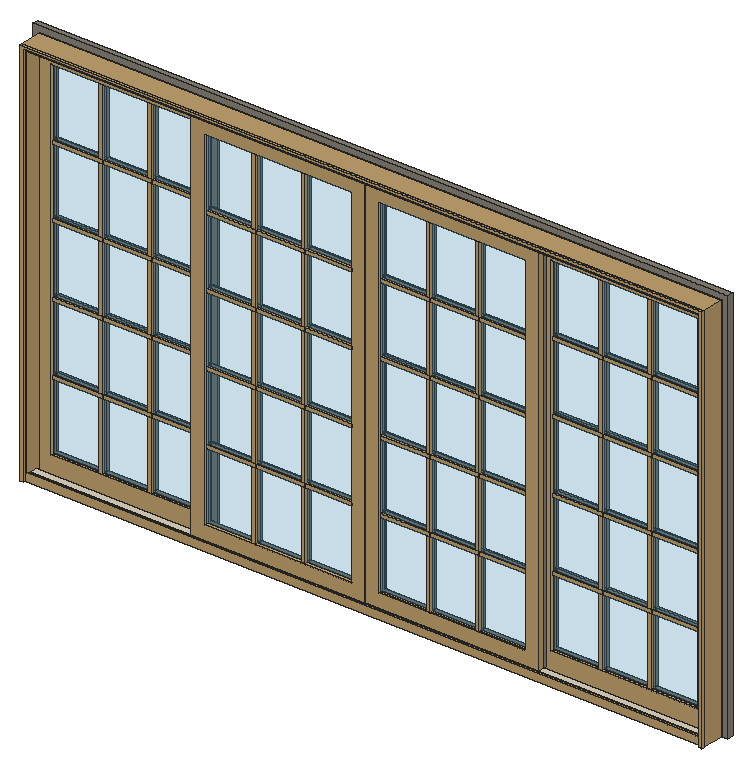
Revit family (continued)
Definition of nested family "Casing_Clad"
  Lines and regions (in)
    symbolic lines, style "Frame/Mullion", visible <- "Flat Casing Visibility", detail levels coarse+medium
      curve 2: line (0, 1.09375, 147) -> (0, 0, 147)
      curve 11: line (-99, 1.09375, 0) -> (-99, 0, 0)
      curve 12: line (-96, 1.09375, 0) -> (-99, 1.09375, 0)
      curve 13: line (99, 0, 0) -> (99, 1.09375, 0)
      curve 14: line (99, 1.09375, 0) -> (96, 1.09375, 0)
    symbolic lines, style "Frame/Mullion", visible <- "BMC Visibility", detail levels coarse+medium
      curve 3: line (0, 1.25, 145.3125) -> (0, 0, 145.3125)
      curve 4: line (0, 1.25, 144.71589) -> (0, 1.25, 145.3125)
      curve 5: line (0, 1.09375, 144.38081) -> (0, 1.25, 144.71589)
      curve 6: line (0, 1.09375, 144) -> (0, 1.09375, 144.38081)
      curve 7: line (-96.71589, 1.25, 0) -> (-97.3125, 1.25, 0)
      curve 8: line (-96.38081, 1.09375, 0) -> (-96.71589, 1.25, 0)
      curve 9: line (-96, 1.09375, 0) -> (-96.38081, 1.09375, 0)
      curve 10: line (-97.3125, 1.25, 0) -> (-97.3125, 0, 0)
      curve 15: line (97.3125, 0, 0) -> (97.3125, 1.25, 0)
      curve 16: line (97.3125, 1.25, 0) -> (96.71589, 1.25, 0)
      curve 17: line (96.71589, 1.25, 0) -> (96.38081, 1.09375, 0)
      curve 18: line (96.38081, 1.09375, 0) -> (96, 1.09375, 0)
  Dimensions and locks (in)
    "Width": plane 6 to plane 5
    equal spacing: plane 6, plane 3 "Center (Left/Right)", plane 5
    "Height": plane 4 to plane 2
    aligned and locked: plane 4 to Sweep 1 sketch curve
    aligned and locked: plane 5 to Sweep 1 sketch curve
    aligned and locked: plane 2 to Sweep 1 sketch curve
    aligned and locked: Sweep 1 sketch curve to plane 2
    aligned and locked: plane 4 to Sweep 2 sketch curve
    aligned and locked: plane 5 to Sweep 2 sketch curve
    aligned and locked: plane 2 to Sweep 2 sketch curve
    aligned and locked: Sweep 2 sketch curve to plane 2
    aligned and locked: Masking region 1 sketch curve to Sweep 1
    aligned and locked: Masking region 1 sketch curve to plane 1 "Center (Front/Back)"
    aligned and locked: Sweep 2 to Masking region 1 sketch curve
    aligned and locked: Masking region 1 sketch curve to Sweep 2
    aligned and locked: Masking region 2 sketch curve to Sweep 2  (x3)
    aligned and locked: Sweep 2 to Masking region 2 sketch curve
    aligned and locked: Masking region 3 sketch curve to Sweep 2
    aligned and locked: Masking region 3 sketch curve to Sweep 1  (x4)
    aligned and locked: Sweep 1 to Masking region 3 sketch curve
    aligned and locked: Masking region 4 sketch curve to Sweep 2
    aligned and locked: Masking region 4 sketch curve to Sweep 1  (x5)
    aligned and locked: Masking region 5 sketch curve to Sweep 2  (x2)
    aligned and locked: Sweep 1 to Masking region 5 sketch curve
    aligned and locked: Masking region 5 sketch curve to Sweep 1
    aligned and locked: Masking region 6 sketch curve to Sweep 1  (x6)
    aligned and locked: curve 1 to Masking region 5
    aligned and locked: curve 2 to Sweep 2
    aligned and locked: curve 3 to Sweep 1
    aligned and locked: curve 4 to Masking region 6
    aligned and locked: curve 5 to Sweep 1
    aligned and locked: curve 6 to Masking region 6
    aligned and locked: Masking region 2 to curve 14
    aligned and locked: Masking region 3 to curve 16
    aligned and locked: Masking region 3 to curve 18
    aligned and locked: Sweep 2 sketch curve to plane 6
    aligned and locked: Sweep 1 sketch curve to plane 6
    aligned and locked: curve 11 to Sweep 2
    aligned and locked: curve 10 to Sweep 1
    aligned and locked: Sweep 1 to curve 7
    aligned and locked: curve 8 to Sweep 1
    aligned and locked: Sweep 1 to curve 9
    aligned and locked: curve 13 to Sweep 2
    aligned and locked: curve 15 to Sweep 1
    aligned and locked: curve 17 to Sweep 1
  Automatic sketch dimensions
    curve 1 to plane 4 = 0' - 0"
    curve 2 to plane 1 "Center (Front/Back)" = 0' - 0"
    curve 3 to plane 1 "Center (Front/Back)" = 0' - 0"
    curve 6 to plane 4 = 0' - 0"
    curve 10 to plane 1 "Center (Front/Back)" = 0' - 0"
    curve 11 to plane 1 "Center (Front/Back)" = 0' - 0"
    curve 13 to plane 1 "Center (Front/Back)" = 0' - 0"
    curve 15 to plane 1 "Center (Front/Back)" = 0' - 0"
    plane 5 to curve 12 = 0' - 0"
    curve 18 to plane 6 = 0' - 0"
Definition of nested family "Door_Section_Detail"
  Parameters (values of type "Door_Section_Detail")
    Height = 6' - 10"
    Flat Casing = no
    Flange Visibility = not(Casing Visibility)  # no
    Casing Visibility = yes
    BMC = yes
    Assembly Code = ""
  Reference planes (in)
    plane 1 "Center (Front/Back)": y = 0
    plane 2: z = 0
    plane 3 "Center (Left/Right)": x = 0
    plane 4: y = 82
  Lines and regions (in)
    detail lines, style "Cut Lines", in view "Ref. Level"
      curve 1: line (0.20512, 4.15025, 0) -> (0.20512, 78.47475, 0)
      curve 2: line (0.33012, 4.15025, 0) -> (0.33012, 78.47475, 0)
      curve 3: line (0.83012, 4.15025, 0) -> (0.83012, 78.47475, 0)
      curve 4: line (0.95512, 4.15025, 0) -> (0.95512, 78.47475, 0)
      curve 5: line (2.70101, 4.15025, 0) -> (2.70101, 78.47475, 0)
      curve 6: line (2.82601, 4.15025, 0) -> (2.82601, 78.47475, 0)
      curve 7: line (3.32601, 4.15025, 0) -> (3.32601, 78.47475, 0)
      curve 8: line (3.45101, 4.15025, 0) -> (3.45101, 78.47475, 0)
    detail lines, style "DetailComponentsHiddenLines", in view "Ref. Level"
      curve 9: line (-0.85309, 2.6292, 0) -> (-0.85309, 77.50689, 0)
  Dimensions and locks (in)
    "Height": plane 4 to plane 1 "Center (Front/Back)"
    aligned and locked: plane 1 "Center (Front/Back)" to nested 1
    aligned and locked: plane 3 "Center (Left/Right)" to nested 1
    aligned and locked: nested 2 to plane 4
    aligned and locked: plane 3 "Center (Left/Right)" to nested 2
    aligned and locked: curve 1 to nested 1  (x2)
    aligned and locked: nested 1 to curve 2
    aligned and locked: curve 2 to nested 1
    aligned and locked: curve 3 to nested 1  (x2)
    aligned and locked: nested 1 to curve 4
    aligned and locked: curve 4 to nested 1
    aligned and locked: curve 5 to nested 1  (x2)
    aligned and locked: nested 1 to curve 6
    aligned and locked: curve 6 to nested 1
    aligned and locked: curve 7 to nested 1  (x2)
    aligned and locked: nested 1 to curve 8
    aligned and locked: curve 8 to nested 1
    aligned and locked: curve 1 to nested 2
    aligned and locked: nested 2 to curve 2
    aligned and locked: curve 3 to nested 2
    aligned and locked: nested 2 to curve 4
    aligned and locked: curve 5 to nested 2
    aligned and locked: nested 2 to curve 6
    aligned and locked: curve 7 to nested 2
    aligned and locked: nested 2 to curve 8
    aligned and locked: nested 1 to curve 9
    aligned and locked: curve 9 to nested 1
    aligned and locked: nested 2 to curve 9
    aligned and locked: plane 3 "Center (Left/Right)" to nested 3
    aligned and locked: nested 3 to plane 4
    aligned and locked: plane 3 "Center (Left/Right)" to nested 4
    aligned and locked: nested 4 to plane 4
  Nested families (in)
    nested 1: "Sill_Detail" at (0, 0, 0), type "Sill_Detail", in view "Ref. Level"
    nested 2: "Head_Detail" at (0, 82, 0), type "Jamb_Detail", in view "Ref. Level"
    nested 3: "BMC_Detail" at (0, 82, 0), visible <- "BMC", type "BMC_Detail", in view "Ref. Level"
    nested 4: "Flat_Casing_Detail" at (0, 82, 0), visible <- "Flat Casing", type "Flat_Casing_Detail", in view "Ref. Level"
  Definition of nested family "Sill_Detail"
    Parameters (values of type "Jamb_Detail")
      Assembly Code = ""
    Types (2): name
      Jamb_Detail
      Sill_Detail
    Reference planes (in)
      plane 1 "Center (Front/Back)": y = 0
      plane 2: z = 0
      plane 3 "Center (Left/Right)": x = 0
    Lines and regions (in)
      detail lines, style "Cut Lines", in view "Ref. Level"
        curve 1: line (-1.09375, 0, 0) -> (4.5625, 0, 0)
        curve 2: line (4.5625, 1.61602, 0) -> (4.5625, 0, 0)
        curve 3: line (-1.09375, 0, 0) -> (-1.09375, 0.45188, 0)
        curve 4: line (3.9696, 1.81919, 0) -> (2.30162, 1.81919, 0)
        curve 5: line (3.9696, 4.61541, 0) -> (3.9696, 1.81919, 0)
        curve 6: line (2.2196, 1.34621, 0) -> (2.2196, 4.60446, 0)
        curve 7: line (3.62818, 4.8125, 0) -> (3.9696, 4.61541, 0)
        curve 8: line (3.48221, 4.8125, 0) -> (3.62818, 4.8125, 0)
        curve 9: line (2.2196, 4.60446, 0) -> (2.39187, 4.60446, 0)
        curve 10: line (2.6571, 4.8125, 0) -> (2.59991, 4.8125, 0)
        curve 11: line (2.6571, 4.08766, 0) -> (3.48221, 4.08766, 0)
        curve 12: line (2.6571, 4.8125, 0) -> (2.6571, 4.08766, 0)
        curve 13: line (3.48221, 4.08766, 0) -> (3.48221, 4.8125, 0)
        curve 14: line (2.39187, 4.60446, 0) -> (2.59991, 4.8125, 0)
        curve 15: line (2.70101, 4.15025, 0) -> (2.82601, 4.15025, 0)
        curve 16: line (3.32601, 4.27525, 0) -> (2.82601, 4.27525, 0)
        curve 17: line (3.32601, 4.52525, 0) -> (2.82601, 4.52525, 0)
        curve 18: line (3.32601, 4.15025, 0) -> (3.45101, 4.15025, 0)
        curve 19: line (1.47371, 4.61541, 0) -> (1.47371, 0.72172, 0)
        curve 20: line (-0.27629, 0.53779, 0) -> (-0.27629, 4.60446, 0)
        curve 21: line (1.13229, 4.8125, 0) -> (1.47371, 4.61541, 0)
        curve 22: line (0.98632, 4.8125, 0) -> (1.13229, 4.8125, 0)
        curve 23: line (-0.27629, 4.60446, 0) -> (-0.10402, 4.60446, 0)
        curve 24: line (0.16121, 4.8125, 0) -> (0.10402, 4.8125, 0)
        curve 25: line (0.16121, 4.08766, 0) -> (0.98632, 4.08766, 0)
        curve 26: line (0.16121, 4.8125, 0) -> (0.16121, 4.08766, 0)
        curve 27: line (0.98632, 4.08766, 0) -> (0.98632, 4.8125, 0)
        curve 28: line (-0.10402, 4.60446, 0) -> (0.10402, 4.8125, 0)
        curve 29: line (0.20512, 4.15025, 0) -> (0.33012, 4.15025, 0)
        curve 30: line (0.83012, 4.27525, 0) -> (0.33012, 4.27525, 0)
        curve 31: line (0.83012, 4.52525, 0) -> (0.33012, 4.52525, 0)
        curve 32: line (0.83012, 4.15025, 0) -> (0.95512, 4.15025, 0)
        curve 33: line (-0.44909, 0.63436, 0) -> (-0.44909, 2.3842, 0)
        curve 34: line (-0.96909, 1.2162, 0) -> (-0.96909, 0.63436, 0)
        curve 35: line (-0.96909, 0.63436, 0) -> (-0.44909, 0.63436, 0)
        curve 36: line (-1.28109, 2.22826, 0) -> (-1.28109, 1.4762, 0)
        curve 37: line (-0.44909, 2.3842, 0) -> (-0.57209, 2.3842, 0)
        curve 38: line (-1.28109, 1.4762, 0) -> (-0.96909, 1.2162, 0)
        curve 39: line (-0.96909, 2.22826, 0) -> (-1.28109, 2.22826, 0)
        curve 40: line (-0.96909, 2.22826, 0) -> (-0.96909, 2.3842, 0)
        curve 41: line (-0.57209, 2.6292, 0) -> (-0.85309, 2.6292, 0)
        curve 42: line (-0.74809, 2.5892, 0) -> (-0.61209, 2.5892, 0)
        curve 43: line (-0.57209, 2.3842, 0) -> (-0.57209, 2.6292, 0)
        curve 44: line (-0.61209, 2.5892, 0) -> (-0.61209, 2.3842, 0)
        curve 45: line (-0.85309, 2.6292, 0) -> (-0.85309, 2.5192, 0)
        curve 46: line (-0.74809, 2.5192, 0) -> (-0.74809, 2.5892, 0)
        curve 47: line (-0.74809, 2.5192, 0) -> (-0.85309, 2.5192, 0)
        curve 48: line (-0.61209, 2.3842, 0) -> (-0.96909, 2.3842, 0)
        curve 49: line (-1.09375, 0.45188, 0) -> (1.47371, 0.72172, 0)
        curve 50: line (4.5625, 1.61602, 0) -> (2.43933, 1.61602, 0)
        curve 51: line (2.43933, 1.04253, 0) -> (2.43933, 1.61602, 0)
        curve 52: line (1.47371, 1.04253, 0) -> (2.43933, 1.04253, 0)
        curve 53: line (2.30162, 1.34621, 0) -> (2.30162, 1.81919, 0)
        curve 54: line (2.2196, 1.34621, 0) -> (2.30162, 1.34621, 0)
        curve 55: line (-0.82683, 0.63436, 0) -> (-0.82683, 0.47993, 0)
        curve 56: line (-0.58683, 0.63436, 0) -> (-0.58683, 0.50516, 0)
  Definition of nested family "Head_Detail"
    Parameters (values of type "Jamb_Detail")
      Flange Visibility = no
      Assembly Code = ""
    Reference planes (in)
      plane 1 "Center (Front/Back)": y = 0
      plane 2: z = 0
      plane 3 "Center (Left/Right)": x = 0
    Lines and regions (in)
      detail lines, style "Cut Lines", in view "Ref. Level"
        curve 1: line (-1.09375, 0, 0) -> (4.5625, 0, 0)
        curve 2: line (4.5625, 0, 0) -> (4.5625, -2.06854, 0)
        curve 3: line (-0.31923, -1.06374, 0) -> (4.03177, -1.06374, 0)
        curve 4: line (-1.09375, -0.67848, 0) -> (-1.15509, -0.67848, 0)
        curve 5: line (-1.09375, -0.67848, 0) -> (-1.09375, 0, 0)
        curve 11: line (-0.44909, -2.49827, 0) -> (-0.44909, -4.24811, 0)
        curve 12: line (-0.96909, -3.08011, 0) -> (-0.96909, -2.49827, 0)
        curve 13: line (-0.96909, -2.49827, 0) -> (-0.50105, -2.49827, 0)
        curve 14: line (-1.28109, -4.09217, 0) -> (-1.28109, -3.34011, 0)
        curve 15: line (-0.44909, -4.24811, 0) -> (-0.57209, -4.24811, 0)
        curve 16: line (-1.28109, -3.34011, 0) -> (-0.96909, -3.08011, 0)
        curve 17: line (-0.96909, -4.09217, 0) -> (-1.28109, -4.09217, 0)
        curve 18: line (-0.96909, -4.09217, 0) -> (-0.96909, -4.24811, 0)
        curve 19: line (-0.57209, -4.49311, 0) -> (-0.85309, -4.49311, 0)
        curve 20: line (-0.74809, -4.45311, 0) -> (-0.61209, -4.45311, 0)
        curve 21: line (-0.57209, -4.24811, 0) -> (-0.57209, -4.49311, 0)
        curve 22: line (-0.61209, -4.45311, 0) -> (-0.61209, -4.24811, 0)
        curve 23: line (-0.85309, -4.49311, 0) -> (-0.85309, -4.38311, 0)
        curve 24: line (-0.74809, -4.38311, 0) -> (-0.74809, -4.45311, 0)
        curve 25: line (-0.74809, -4.38311, 0) -> (-0.85309, -4.38311, 0)
        curve 26: line (-0.61209, -4.24811, 0) -> (-0.96909, -4.24811, 0)
        curve 27: line (3.9696, -1.18804, 0) -> (2.2196, -1.18804, 0)
        curve 28: line (3.9696, -3.99041, 0) -> (3.9696, -1.18804, 0)
        curve 29: line (2.2196, -1.18804, 0) -> (2.2196, -3.97946, 0)
        curve 30: line (3.62818, -4.1875, 0) -> (3.9696, -3.99041, 0)
        curve 31: line (3.48221, -4.1875, 0) -> (3.62818, -4.1875, 0)
        curve 32: line (2.2196, -3.97946, 0) -> (2.39187, -3.97946, 0)
        curve 33: line (2.6571, -4.1875, 0) -> (2.59991, -4.1875, 0)
        curve 34: line (2.6571, -3.46266, 0) -> (3.48221, -3.46266, 0)
        curve 35: line (2.6571, -4.1875, 0) -> (2.6571, -3.46266, 0)
        curve 36: line (3.48221, -3.46266, 0) -> (3.48221, -4.1875, 0)
        curve 37: line (2.39187, -3.97946, 0) -> (2.59991, -4.1875, 0)
        curve 38: line (2.70101, -3.52525, 0) -> (2.82601, -3.52525, 0)
        curve 39: line (3.32601, -3.65025, 0) -> (2.82601, -3.65025, 0)
        curve 40: line (3.32601, -3.90025, 0) -> (2.82601, -3.90025, 0)
        curve 41: line (3.32601, -3.52525, 0) -> (3.45101, -3.52525, 0)
        curve 42: line (1.47371, -1.18804, 0) -> (-0.27629, -1.18804, 0)
        curve 43: line (1.47371, -3.99041, 0) -> (1.47371, -1.06374, 0)
        curve 44: line (-0.27629, -1.18804, 0) -> (-0.27629, -3.97946, 0)
        curve 45: line (1.13229, -4.1875, 0) -> (1.47371, -3.99041, 0)
        curve 46: line (0.98632, -4.1875, 0) -> (1.13229, -4.1875, 0)
        curve 47: line (-0.27629, -3.97946, 0) -> (-0.10402, -3.97946, 0)
        curve 48: line (0.16121, -4.1875, 0) -> (0.10402, -4.1875, 0)
        curve 49: line (0.16121, -3.46266, 0) -> (0.98632, -3.46266, 0)
        curve 50: line (0.16121, -4.1875, 0) -> (0.16121, -3.46266, 0)
        curve 51: line (0.98632, -3.46266, 0) -> (0.98632, -4.1875, 0)
        curve 52: line (-0.10402, -3.97946, 0) -> (0.10402, -4.1875, 0)
        curve 53: line (0.20512, -3.52525, 0) -> (0.33012, -3.52525, 0)
        curve 54: line (0.83012, -3.65025, 0) -> (0.33012, -3.65025, 0)
        curve 55: line (0.83012, -3.90025, 0) -> (0.33012, -3.90025, 0)
        curve 56: line (0.83012, -3.52525, 0) -> (0.95512, -3.52525, 0)
        curve 57: line (4.03177, -1.06374, 0) -> (4.03177, -2.06854, 0)
        curve 58: line (4.03177, -2.06854, 0) -> (4.5625, -2.06854, 0)
        curve 59: line (2.18774, -1.75054, 0) -> (1.47371, -1.75054, 0)
        curve 60: line (-1.15509, -2.24927, 0) -> (-1.15509, -0.67848, 0)
        curve 61: line (-0.81009, -2.24927, 0) -> (-1.15509, -2.24927, 0)
        curve 62: line (-1.10509, -1.10227, 0) -> (-0.81009, -1.10227, 0)
        curve 63: line (-1.10509, -0.73627, 0) -> (-1.10509, -1.10227, 0)
        curve 64: line (-0.48993, -0.73627, 0) -> (-1.10509, -0.73627, 0)
        curve 65: line (-0.81009, -1.10227, 0) -> (-0.81009, -2.24927, 0)
        curve 66: line (-0.68009, -2.18816, 0) -> (-0.50105, -2.49827, 0)
        curve 67: line (-0.45739, -2.48388, 0) -> (-0.63509, -2.17611, 0)
        curve 68: line (-0.63509, -2.17611, 0) -> (-0.63509, -1.18527, 0)
        curve 69: line (-0.81009, -1.49777, 0) -> (-0.68009, -1.49777, 0)
        curve 70: line (-0.81009, -1.87277, 0) -> (-0.68009, -1.87277, 0)
        curve 71: line (-0.75509, -1.18527, 0) -> (-0.75509, -1.49777, 0)
        curve 72: line (-0.63509, -1.18527, 0) -> (-0.75509, -1.18527, 0)
        curve 73: line (-0.68009, -1.49777, 0) -> (-0.68009, -2.18816, 0)
        curve 74: line (-0.31923, -1.06374, 0) -> (-0.48993, -0.73627, 0)
        curve 75: line (2.18774, -1.06304, 0) -> (2.18774, -1.75054, 0)
      detail lines, style "Cut Lines", in view "Ref. Level", visible <- "Flange Visibility"
        curve 6: line (-0.045, 0, 0) -> (-0.045, 1.49897, 0)
        curve 7: line (0, 0.155, 0) -> (0, 1.49897, 0)
        curve 8: line (0, 0.155, 0) -> (0.11, 0.155, 0)
        curve 9: line (0.11, 0, 0) -> (0.11, 0.155, 0)
        curve 10: line (0, 1.49897, 0) -> (-0.045, 1.49897, 0)
  Definition of nested family "BMC_Detail"
    Parameters (values of type "BMC_Detail")
      Assembly Code = ""
    Reference planes (in)
      plane 1 "Center (Front/Back)": y = 0
      plane 2: z = 0
      plane 3 "Center (Left/Right)": x = 0
    Lines and regions (in)
      detail lines, style "Cut Lines", in view "Ref. Level"
        curve 1: line (-1.25, 0.71589, 0) -> (-1.25, 1.3125, 0)
        curve 2: line (-1.25, 1.3125, 0) -> (0, 1.3125, 0)
        curve 3: line (0, 0, 0) -> (-1.09375, 0, 0)
        curve 4: line (-1.09375, 0, 0) -> (-1.09375, 0.38081, 0)
        curve 5: line (-1.09375, 0.38081, 0) -> (-1.25, 0.71589, 0)
        curve 6: line (0, 0, 0) -> (0, 1.3125, 0)
  Definition of nested family "Flat_Casing_Detail"
    Parameters (values of type "Flat_Casing_Detail")
      Assembly Code = ""
    Reference planes (in)
      plane 1 "Center (Front/Back)": y = 0
      plane 2: z = 0
      plane 3 "Center (Left/Right)": x = 0
    Lines and regions (in)
      detail lines, style "Cut Lines", in view "Ref. Level"
        curve 1: line (-1.09375, 3, 0) -> (0, 3, 0)
        curve 2: line (0, 0, 0) -> (-1.09375, 0, 0)
        curve 3: line (-1.09375, 0, 0) -> (-1.09375, 3, 0)
        curve 4: line (0, 0, 0) -> (0, 3, 0)
Definition of nested family "Label Annotation 1-16 w5"
  Parameters
    Label = ""
    Egress Info = "EGRESS WDW"
    Description = "3664 FIXED"
  Reference planes (in)
    plane 1: y = 0
    plane 2: x = 0
  Text (in)
    label "Description" at (0.00375, -0.00345, 0), shows "Description"
Definition of nested family "Door_Plan_Detail_OXXO"
  Parameters (values of type "Door_Plan_Detail")
    Width = 11' - 11"
    Flat Casing Visibility = no
    DLO Width = 2' - 6 7/16"
    Casing Visibility = yes
    BMC Visibility = yes
    Assembly Code = ""
  Reference planes (in)
    plane 1 "Center (Front/Back)": y = 0
    plane 2: z = 0
    plane 3 "Center (Left/Right)": x = 0.76562
    plane 4: x = -70.73438
    plane 5: x = 72.26562
    plane 6: x = -34.40625
    plane 7: x = -66.85938
    plane 8: x = 68.39062
    plane 9: x = 37.95312
    plane 10: x = -32.70312
    plane 11: x = -36.42187
    plane 12: x = 35.9375
    plane 13: x = 34.23437
  Lines and regions (in)
    detail lines, style "Cut Lines", in view "Ref. Level"
      curve 1: line (-67.52163, -0.20079, 0) -> (-35.75962, -0.20079, 0)
      curve 2: line (-67.52163, -0.32579, 0) -> (-35.75962, -0.32579, 0)
      curve 3: line (-67.52163, -0.82579, 0) -> (-35.75962, -0.82579, 0)
      curve 4: line (-67.52163, -0.95079, 0) -> (-35.75962, -0.95079, 0)
      curve 5: line (-33.36537, -2.70101, 0) -> (-1.63463, -2.70101, 0)
      curve 6: line (-33.36537, -2.82601, 0) -> (-1.63463, -2.82601, 0)
      curve 7: line (-33.36537, -3.32601, 0) -> (-1.63463, -3.32601, 0)
      curve 8: line (-33.36537, -3.45101, 0) -> (-1.63463, -3.45101, 0)
      curve 10: line (37.29087, -0.20079, 0) -> (69.05287, -0.20079, 0)
      curve 11: line (37.29087, -0.32579, 0) -> (69.05287, -0.32579, 0)
      curve 12: line (37.29087, -0.82579, 0) -> (69.05287, -0.82579, 0)
      curve 13: line (37.29087, -0.95079, 0) -> (69.05287, -0.95079, 0)
      curve 15: line (3.16587, -2.70101, 0) -> (34.89662, -2.70101, 0)
      curve 16: line (3.16587, -2.82601, 0) -> (34.89662, -2.82601, 0)
      curve 17: line (3.16587, -3.32601, 0) -> (34.89662, -3.32601, 0)
      curve 18: line (3.16587, -3.45101, 0) -> (34.89662, -3.45101, 0)
    detail lines, style "DetailComponentsHiddenLines", in view "Ref. Level"
      curve 9: line (-33.83936, 0.8837, 0) -> (-1.23438, 0.8837, 0)
      curve 14: line (2.76562, 0.8837, 0) -> (35.51124, 0.8837, 0)
  Dimensions and locks (in)
    equal spacing: plane 4, plane 3 "Center (Left/Right)", plane 5
    "Width": plane 4 to plane 5
    locked: plane 4 to plane 7 at 3.875
    locked: plane 8 to plane 5 at 3.875
    plane 11 to plane 6 to plane 10 = 0' - 2 1/64" locked, 0' - 1 45/64" locked
    "DLO Width": plane 7 to plane 11
    "DLO Width": plane 9 to plane 8
    plane 9 to plane 12 to plane 13 = 0' - 2 1/64" locked, 0' - 1 45/64" locked
    aligned and locked: plane 4 to nested 1
    aligned and locked: nested 1 to plane 1 "Center (Front/Back)"
    aligned and locked: plane 1 "Center (Front/Back)" to nested 2
    aligned and locked: curve 1 to nested 1  (x2)
    aligned and locked: nested 1 to curve 2
    aligned and locked: curve 2 to nested 1
    aligned and locked: curve 3 to nested 1  (x2)
    aligned and locked: nested 1 to curve 4
    aligned and locked: curve 4 to nested 1
    aligned and locked: curve 1 to nested 2
    aligned and locked: nested 2 to curve 2
    aligned and locked: curve 3 to nested 2
    aligned and locked: nested 2 to curve 4
    aligned and locked: curve 5 to nested 2  (x2)
    aligned and locked: nested 2 to curve 6
    aligned and locked: curve 6 to nested 2
    aligned and locked: curve 7 to nested 2  (x2)
    aligned and locked: nested 2 to curve 8
    aligned and locked: curve 8 to nested 2
    aligned and locked: nested 2 to curve 9
    aligned and locked: curve 9 to nested 2
    aligned and locked: plane 5 to nested 3
    aligned and locked: nested 4 to plane 4
    aligned and locked: plane 1 "Center (Front/Back)" to nested 4
    aligned and locked: plane 5 to nested 5
    aligned and locked: plane 1 "Center (Front/Back)" to nested 5
    aligned and locked: plane 1 "Center (Front/Back)" to nested 6
    aligned and locked: nested 6 to plane 4
    aligned and locked: plane 6 to nested 2
    aligned and locked: nested 7 to plane 5
    aligned and locked: nested 7 to plane 1 "Center (Front/Back)"
    aligned and locked: nested 8 to plane 12
    aligned and locked: plane 3 "Center (Left/Right)" to nested 9
    aligned and locked: plane 1 "Center (Front/Back)" to nested 9
    aligned and locked: nested 9 to curve 9
    aligned and locked: curve 5 to nested 9
    aligned and locked: nested 9 to curve 6
    aligned and locked: nested 9 to curve 7
    aligned and locked: nested 9 to curve 8
    aligned and locked: nested 9 to curve 14
    aligned and locked: curve 14 to nested 9
    aligned and locked: curve 15 to nested 9  (x2)
    aligned and locked: nested 9 to curve 16
    aligned and locked: curve 16 to nested 9
    aligned and locked: nested 8 to curve 16
    aligned and locked: curve 17 to nested 9  (x2)
    aligned and locked: nested 9 to curve 18
    aligned and locked: curve 18 to nested 9
    aligned and locked: nested 7 to curve 13
    aligned and locked: curve 12 to nested 7
    aligned and locked: curve 11 to nested 7
    aligned and locked: curve 10 to nested 7
    aligned and locked: curve 13 to nested 8
    aligned and locked: curve 12 to nested 8
    aligned and locked: curve 11 to nested 8
    aligned and locked: curve 10 to nested 8
  Automatic sketch dimensions
    curve 14 to plane 13 = 0' - 1.27686"
    curve 18 to curve 16 = 0' - 0"
    curve 17 to curve 18 = 0' - 0"
    curve 15 to curve 16 = 0' - 0"
    curve 13 to plane 12 = 0' - 1.35337"
    curve 11 to curve 13 = 0' - 0"
    curve 12 to curve 13 = 0' - 0"
    curve 10 to curve 11 = 0' - 0"
  Nested families (in)
    nested 1: "Jamb_Detail2" at (-70.73438, 0, 0), type "Jamb_Detail2", in view "Ref. Level"
    nested 2: "Mtg_Stiles" at (-34.5625, 0, 0), type "Mtg_Stiles", in view "Ref. Level"
    nested 3: "BMC_Detail" at (72.26562, 0, 0) x (0, -1, 0) z (0, 0, 1), visible <- "BMC Visibility", type "BMC_Detail", in view "Ref. Level"
    nested 4: "BMC_Detail" at (-70.73438, 0, 0) x (0, -1, 0) z (0, 0, 1), visible <- "BMC Visibility", type "BMC_Detail", in view "Ref. Level"
    nested 5: "Flat_Casing_Detail" at (72.26562, 0, 0) x (0, -1, 0) z (0, 0, 1), visible <- "Flat Casing Visibility", type "Flat_Casing_Detail", in view "Ref. Level"
    nested 6: "Flat_Casing_Detail" at (-70.73438, 0, 0) x (0, -1, 0) z (0, 0, 1), visible <- "Flat Casing Visibility", type "Flat_Casing_Detail", in view "Ref. Level"
    nested 7: "Jamb_Detail2" at (72.26562, 0, 0) x (-1, 0, 0) z (0, 0, 1), type "Jamb_Detail2", in view "Ref. Level"
    nested 8: "Mtg_Stiles" at (36.09375, 0, 0) x (-1, 0, 0) z (0, 0, 1), type "Mtg_Stiles", in view "Ref. Level"
    nested 9: "Mtg_Stiles_4" at (0.82812, 0, 0), type "Mtg_Stiles", in view "Ref. Level"
  Definition of nested family "Jamb_Detail2"
    Parameters (values of type "Jamb_Detail2")
      Flange Visibility = not(Casing Visibility)  # no
      Casing Visibility = yes
      Assembly Code = ""
    Reference planes (in)
      plane 1 "Center (Front/Back)": y = 0
      plane 2: z = 0
      plane 3 "Center (Left/Right)": x = 0
    Lines and regions (in)
      detail lines, style "Cut Lines", in view "Ref. Level"
        curve 1: line (0, 1.09375, 0) -> (0, -4.5625, 0)
        curve 7: line (0.67848, 0.3871, 0) -> (0.67848, 1.09375, 0)
        curve 8: line (0.93767, 0.3871, 0) -> (0.67848, 0.3871, 0)
        curve 9: line (0.93767, 0.28062, 0) -> (0.93767, 0.3871, 0)
        curve 10: line (0.67848, 1.09375, 0) -> (0, 1.09375, 0)
        curve 11: line (0.891, -1.46938, 0) -> (0.891, 0.28062, 0)
        curve 12: line (3.67791, -1.46938, 0) -> (0.891, -1.46938, 0)
        curve 13: line (0.891, 0.28062, 0) -> (3.66696, 0.28062, 0)
        curve 14: line (3.875, -1.12796, 0) -> (3.67791, -1.46938, 0)
        curve 15: line (3.875, -0.98199, 0) -> (3.875, -1.12796, 0)
        curve 16: line (3.66696, 0.28062, 0) -> (3.66696, 0.10835, 0)
        curve 17: line (3.875, -0.15688, 0) -> (3.875, -0.09969, 0)
        curve 18: line (3.15016, -0.15688, 0) -> (3.15016, -0.98199, 0)
        curve 19: line (3.875, -0.15688, 0) -> (3.15016, -0.15688, 0)
        curve 20: line (3.15016, -0.98199, 0) -> (3.875, -0.98199, 0)
        curve 21: line (3.66696, 0.10835, 0) -> (3.875, -0.09969, 0)
        curve 22: line (3.21275, -0.20079, 0) -> (3.21275, -0.32579, 0)
        curve 23: line (3.33775, -0.82579, 0) -> (3.33775, -0.32579, 0)
        curve 24: line (3.58775, -0.82579, 0) -> (3.58775, -0.32579, 0)
        curve 25: line (3.21275, -0.82579, 0) -> (3.21275, -0.95079, 0)
        curve 26: line (1.531, -2.82099, 0) -> (1.531, -1.46938, 0)
        curve 27: line (1.0625, -4.5625, 0) -> (1.0625, -2.82099, 0)
        curve 28: line (1.0625, -2.82099, 0) -> (1.531, -2.82099, 0)
        curve 29: line (0, -4.5625, 0) -> (1.0625, -4.5625, 0)
      detail lines, style "Cut Lines", in view "Ref. Level", visible <- "Flange Visibility"
        curve 2: line (0, 0.045, 0) -> (-1.49897, 0.045, 0)
        curve 3: line (-0.155, 0, 0) -> (-1.49897, 0, 0)
        curve 4: line (-0.155, 0, 0) -> (-0.155, -0.11, 0)
        curve 5: line (0, -0.11, 0) -> (-0.155, -0.11, 0)
        curve 6: line (-1.49897, 0, 0) -> (-1.49897, 0.045, 0)
  Definition of nested family "Mtg_Stiles"
    Parameters (values of type "Mtg_Stiles")
      Assembly Code = ""
    Reference planes (in)
      plane 1 "Center (Front/Back)": y = 0
      plane 2: z = 0
      plane 3 "Center (Left/Right)": x = 0.15625
    Lines and regions (in)
      detail lines, style "Cut Lines", in view "Ref. Level"
        curve 1: line (1.10937, -1.46938, 0) -> (1.10937, 0.28062, 0)
        curve 2: line (-1.66228, -1.46938, 0) -> (1.10938, -1.46938, 0)
        curve 3: line (1.10937, 0.28062, 0) -> (-1.65133, 0.28062, 0)
        curve 4: line (-1.85938, -1.12796, 0) -> (-1.66228, -1.46938, 0)
        curve 5: line (-1.85938, -0.98199, 0) -> (-1.85938, -1.12796, 0)
        curve 6: line (-1.65133, 0.28062, 0) -> (-1.65133, 0.10835, 0)
        curve 7: line (-1.85937, -0.15688, 0) -> (-1.85937, -0.09969, 0)
        curve 8: line (-1.13454, -0.15688, 0) -> (-1.13454, -0.98199, 0)
        curve 9: line (-1.85937, -0.15688, 0) -> (-1.13454, -0.15688, 0)
        curve 10: line (-1.13454, -0.98199, 0) -> (-1.85938, -0.98199, 0)
        curve 11: line (-1.65133, 0.10835, 0) -> (-1.85937, -0.09969, 0)
        curve 12: line (-1.19713, -0.20079, 0) -> (-1.19713, -0.32579, 0)
        curve 13: line (-1.32213, -0.82579, 0) -> (-1.32213, -0.32579, 0)
        curve 14: line (-1.57213, -0.82579, 0) -> (-1.57213, -0.32579, 0)
        curve 15: line (-1.19713, -0.82579, 0) -> (-1.19713, -0.95079, 0)
        curve 16: line (-1.10938, -3.9696, 0) -> (-1.10937, -2.2196, 0)
        curve 17: line (1.66228, -3.9696, 0) -> (-1.10938, -3.9696, 0)
        curve 18: line (-1.10937, -2.2196, 0) -> (1.65133, -2.2196, 0)
        curve 19: line (1.85938, -3.62818, 0) -> (1.66228, -3.9696, 0)
        curve 20: line (1.85938, -3.48221, 0) -> (1.85938, -3.62818, 0)
        curve 21: line (1.65133, -2.2196, 0) -> (1.65133, -2.39187, 0)
        curve 22: line (1.85937, -2.6571, 0) -> (1.85937, -2.59991, 0)
        curve 23: line (1.13454, -2.6571, 0) -> (1.13454, -3.48221, 0)
        curve 24: line (1.85937, -2.6571, 0) -> (1.13454, -2.6571, 0)
        curve 25: line (1.13454, -3.48221, 0) -> (1.85938, -3.48221, 0)
        curve 26: line (1.65133, -2.39187, 0) -> (1.85937, -2.59991, 0)
        curve 27: line (1.19713, -2.70101, 0) -> (1.19713, -2.82601, 0)
        curve 28: line (1.32213, -3.32601, 0) -> (1.32213, -2.82601, 0)
        curve 29: line (1.57213, -3.32601, 0) -> (1.57213, -2.82601, 0)
        curve 30: line (1.19713, -3.32601, 0) -> (1.19713, -3.45101, 0)
        curve 31: line (-1.2717, 0.4797, 0) -> (0.47814, 0.4797, 0)
        curve 32: line (-0.68986, 0.9997, 0) -> (-1.2717, 0.9997, 0)
        curve 33: line (-1.2717, 0.9997, 0) -> (-1.2717, 0.4797, 0)
        curve 34: line (0.3222, 1.3117, 0) -> (-0.42986, 1.3117, 0)
        curve 35: line (0.47814, 0.4797, 0) -> (0.47814, 0.6027, 0)
        curve 36: line (-0.42986, 1.3117, 0) -> (-0.68986, 0.9997, 0)
        curve 37: line (0.3222, 0.9997, 0) -> (0.3222, 1.3117, 0)
        curve 38: line (0.3222, 0.9997, 0) -> (0.47814, 0.9997, 0)
        curve 39: line (0.72314, 0.6027, 0) -> (0.72314, 0.8837, 0)
        curve 40: line (0.68314, 0.7787, 0) -> (0.68314, 0.6427, 0)
        curve 41: line (0.47814, 0.6027, 0) -> (0.72314, 0.6027, 0)
        curve 42: line (0.68314, 0.6427, 0) -> (0.47814, 0.6427, 0)
        curve 43: line (0.72314, 0.8837, 0) -> (0.61314, 0.8837, 0)
        curve 44: line (0.61314, 0.7787, 0) -> (0.68314, 0.7787, 0)
        curve 45: line (0.61314, 0.7787, 0) -> (0.61314, 0.8837, 0)
        curve 46: line (0.47814, 0.6427, 0) -> (0.47814, 0.9997, 0)
        curve 47: line (-0.96875, -1.69597, 0) -> (-0.96875, -2.2196, 0)
        curve 48: line (-0.96875, -1.69597, 0) -> (0.17933, -1.69597, 0)
        curve 49: line (-0.40967, -1.82097, 0) -> (-0.40967, -2.2196, 0)
        curve 50: line (-0.40967, -1.82097, 0) -> (0.30162, -1.82097, 0)
        curve 51: line (0.30162, -1.82097, 0) -> (0.30162, -1.46938, 0)
        curve 52: line (1.03125, -1.95537, 0) -> (1.03125, -1.46938, 0)
        curve 53: line (1.03125, -1.95537, 0) -> (-0.28738, -1.95537, 0)
        curve 54: line (-0.28738, -1.95537, 0) -> (-0.28738, -1.82097, 0)
        curve 55: line (0.17933, -1.69597, 0) -> (0.17933, -1.82097, 0)
  Definition of nested family "BMC_Detail"
    Parameters (values of type "BMC_Detail")
      Assembly Code = ""
    Reference planes (in)
      plane 1 "Center (Front/Back)": y = 0
      plane 2: z = 0
      plane 3 "Center (Left/Right)": x = 0
    Lines and regions (in)
      detail lines, style "Cut Lines", in view "Ref. Level"
        curve 1: line (-1.25, 0.71589, 0) -> (-1.25, 1.3125, 0)
        curve 2: line (-1.25, 1.3125, 0) -> (0, 1.3125, 0)
        curve 3: line (0, 0, 0) -> (-1.09375, 0, 0)
        curve 4: line (-1.09375, 0, 0) -> (-1.09375, 0.38081, 0)
        curve 5: line (-1.09375, 0.38081, 0) -> (-1.25, 0.71589, 0)
        curve 6: line (0, 0, 0) -> (0, 1.3125, 0)
  Definition of nested family "Flat_Casing_Detail"
    Parameters (values of type "Flat_Casing_Detail")
      Assembly Code = ""
    Reference planes (in)
      plane 1 "Center (Front/Back)": y = 0
      plane 2: z = 0
      plane 3 "Center (Left/Right)": x = 0
    Lines and regions (in)
      detail lines, style "Cut Lines", in view "Ref. Level"
        curve 1: line (-1.09375, 3, 0) -> (0, 3, 0)
        curve 2: line (0, 0, 0) -> (-1.09375, 0, 0)
        curve 3: line (-1.09375, 0, 0) -> (-1.09375, 3, 0)
        curve 4: line (0, 0, 0) -> (0, 3, 0)
  Definition of nested family "Mtg_Stiles_4"
    Parameters (values of type "Mtg_Stiles")
      Assembly Code = ""
    Reference planes (in)
      plane 1 "Center (Front/Back)": y = 0
      plane 2: z = 0
      plane 3 "Center (Left/Right)": x = -0.0625
    Lines and regions (in)
      detail lines, style "Cut Lines", in view "Ref. Level"
        curve 1: line (0, -3.9696, 0) -> (0, -2.2196, 0)
        curve 2: line (2.80291, -3.9696, 0) -> (0, -3.9696, 0)
        curve 3: line (0, -2.2196, 0) -> (2.79196, -2.2196, 0)
        curve 4: line (3, -3.62818, 0) -> (2.80291, -3.9696, 0)
        curve 5: line (3, -3.48221, 0) -> (3, -3.62818, 0)
        curve 6: line (2.79196, -2.2196, 0) -> (2.79196, -2.39187, 0)
        curve 7: line (3, -2.6571, 0) -> (3, -2.59991, 0)
        curve 8: line (2.27516, -2.6571, 0) -> (2.27516, -3.48221, 0)
        curve 9: line (3, -2.6571, 0) -> (2.27516, -2.6571, 0)
        curve 10: line (2.27516, -3.48221, 0) -> (3, -3.48221, 0)
        curve 11: line (2.79196, -2.39187, 0) -> (3, -2.59991, 0)
        curve 12: line (2.33775, -2.70101, 0) -> (2.33775, -2.82601, 0)
        curve 13: line (2.46275, -3.32601, 0) -> (2.46275, -2.82601, 0)
        curve 14: line (2.71275, -3.32601, 0) -> (2.71275, -2.82601, 0)
        curve 15: line (2.33775, -3.32601, 0) -> (2.33775, -3.45101, 0)
        curve 16: line (-0.02594, 0.4797, 0) -> (1.6925, 0.4797, 0)
        curve 17: line (0.5245, 0.9997, 0) -> (-0.02594, 0.9997, 0)
        curve 18: line (-0.02594, 0.9997, 0) -> (-0.02594, 0.4797, 0)
        curve 19: line (1.53656, 1.3117, 0) -> (0.7845, 1.3117, 0)
        curve 20: line (1.6925, 0.4797, 0) -> (1.6925, 0.6027, 0)
        curve 21: line (0.7845, 1.3117, 0) -> (0.5245, 0.9997, 0)
        curve 22: line (1.53656, 0.9997, 0) -> (1.53656, 1.3117, 0)
        curve 23: line (1.53656, 0.9997, 0) -> (1.6925, 0.9997, 0)
        curve 24: line (1.9375, 0.6027, 0) -> (1.9375, 0.8837, 0)
        curve 25: line (1.8975, 0.7787, 0) -> (1.8975, 0.6427, 0)
        curve 26: line (1.6925, 0.6027, 0) -> (1.9375, 0.6027, 0)
        curve 27: line (1.8975, 0.6427, 0) -> (1.6925, 0.6427, 0)
        curve 28: line (1.9375, 0.8837, 0) -> (1.8275, 0.8837, 0)
        curve 29: line (1.8275, 0.7787, 0) -> (1.8975, 0.7787, 0)
        curve 30: line (1.8275, 0.7787, 0) -> (1.8275, 0.8837, 0)
        curve 31: line (1.6925, 0.6427, 0) -> (1.6925, 0.9997, 0)
        curve 32: line (-0.125, -3.9696, 0) -> (-0.125, -2.2196, 0)
        curve 33: line (-2.92791, -3.9696, 0) -> (-0.125, -3.9696, 0)
        curve 34: line (-0.125, -2.2196, 0) -> (-2.91696, -2.2196, 0)
        curve 35: line (-3.125, -3.62818, 0) -> (-2.92791, -3.9696, 0)
        curve 36: line (-3.125, -3.48221, 0) -> (-3.125, -3.62818, 0)
        curve 37: line (-2.91696, -2.2196, 0) -> (-2.91696, -2.39187, 0)
        curve 38: line (-3.125, -2.6571, 0) -> (-3.125, -2.59991, 0)
        curve 39: line (-2.40016, -2.6571, 0) -> (-2.40016, -3.48221, 0)
        curve 40: line (-3.125, -2.6571, 0) -> (-2.40016, -2.6571, 0)
        curve 41: line (-2.40016, -3.48221, 0) -> (-3.125, -3.48221, 0)
        curve 42: line (-2.91696, -2.39187, 0) -> (-3.125, -2.59991, 0)
        curve 43: line (-2.46275, -2.70101, 0) -> (-2.46275, -2.82601, 0)
        curve 44: line (-2.58775, -3.32601, 0) -> (-2.58775, -2.82601, 0)
        curve 45: line (-2.83775, -3.32601, 0) -> (-2.83775, -2.82601, 0)
        curve 46: line (-2.46275, -3.32601, 0) -> (-2.46275, -3.45101, 0)
        curve 47: line (-0.09906, 0.4797, 0) -> (-1.8175, 0.4797, 0)
        curve 48: line (-0.6495, 0.9997, 0) -> (-0.09906, 0.9997, 0)
        curve 49: line (-0.09906, 0.9997, 0) -> (-0.09906, 0.4797, 0)
        curve 50: line (-1.66156, 1.3117, 0) -> (-0.9095, 1.3117, 0)
        curve 51: line (-1.8175, 0.4797, 0) -> (-1.8175, 0.6027, 0)
        curve 52: line (-0.9095, 1.3117, 0) -> (-0.6495, 0.9997, 0)
        curve 53: line (-1.66156, 0.9997, 0) -> (-1.66156, 1.3117, 0)
        curve 54: line (-1.66156, 0.9997, 0) -> (-1.8175, 0.9997, 0)
        curve 55: line (-2.0625, 0.6027, 0) -> (-2.0625, 0.8837, 0)
        curve 56: line (-2.0225, 0.7787, 0) -> (-2.0225, 0.6427, 0)
        curve 57: line (-1.8175, 0.6027, 0) -> (-2.0625, 0.6027, 0)
        curve 58: line (-2.0225, 0.6427, 0) -> (-1.8175, 0.6427, 0)
        curve 59: line (-2.0625, 0.8837, 0) -> (-1.9525, 0.8837, 0)
        curve 60: line (-1.9525, 0.7787, 0) -> (-2.0225, 0.7787, 0)
        curve 61: line (-1.9525, 0.7787, 0) -> (-1.9525, 0.8837, 0)
        curve 62: line (-1.8175, 0.6427, 0) -> (-1.8175, 0.9997, 0)
        curve 63: line (-0.76766, -2.2196, 0) -> (-0.66581, -1.2506, 0)
        curve 64: line (-0.66581, -1.2506, 0) -> (-0.47831, -1.2506, 0)
        curve 65: line (0.56852, -0.6256, 0) -> (-0.31085, -0.6256, 0)
        curve 66: line (-0.47831, -1.2506, 0) -> (-0.31085, -0.6256, 0)
        curve 67: line (1.02534, -2.2196, 0) -> (0.92349, -1.2506, 0)
        curve 68: line (0.92349, -1.2506, 0) -> (0.73599, -1.2506, 0)
        curve 69: line (0.73599, -1.2506, 0) -> (0.56852, -0.6256, 0)
        curve 70: line (1.02534, -2.2196, 0) -> (-0.76766, -2.2196, 0)
Definition of nested family "Sliding Arrow"
  Reference planes (in)
    plane 1 "Center (Front/Back)": y = 0
    plane 2: z = 0
    plane 3 "Center (Left/Right)": x = 0
  Lines and regions (in)
    detail lines, in view "Ref. Level"
      curve 1: line (0, 1.5, 0) -> (0, -1.5, 0)
      curve 2: line (0, 1.5, 0) -> (2.59808, 0, 0)
      curve 3: line (2.59808, 0, 0) -> (0, -1.5, 0)
